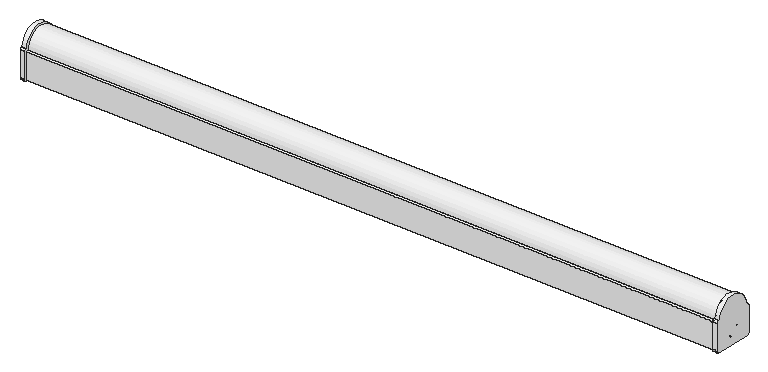
Revit family "0045185 Feilo Sylvania Lighting Fixture SYLBATTEN LED5-5 6000K TP3", category Lighting Fixtures, host Face, Revit 2017
Family settings
  Host = Face
  Round Connector Dimension = Use Diameter
  Part Type = Normal
  OmniClass Number = 23.80.70.00
  OmniClass Title = Lighting
  Cut with Voids When Loaded = No
  Light Source = Yes
  Shared = No
  Room Calculation Point = No
Parameters (values of type "0045185 SYLBATTEN LED5.5 6000K TP3")
  Width_FEILO = 66 mm
  Weight = "2.558 kg"
  Wattage Comments = "n/a"
  Wattage = 53 W
  WarrantyStartDate [instance] = "n/a"
  WarrantyGuarantorParts = "n/a"
  WarrantyDurationUnit = "n/a"
  WarrantyDurationParts = "n/a"
  WarrantyDescription = "n/a"
  built-in parameter 1150110 = 1 (stored number, unit not read)
  Voltage = 230 V
  URL = "http://www.sylvania-lighting.com"
  TypeName = "SYLBATTEN LED5.5 6000K TP3"
  Type Image = <None>
  Type Comments = "n/a"
  built-in parameter 1114217 = 1 (stored number, unit not read)
  Tilt Angle = -90.00°
  built-in parameter 1150109 = 1 (stored number, unit not read)
  built-in parameter 1150134 = 5
  SymReflector_FEILO = no
  built-in parameter 1150113 = 1 (stored number, unit not read)
  SerialNumber [instance] = "n/a"
  PowerFactor = 0
  PowerConsumption = "53 W"
  Photometric Web File = "0045185.ies"
  NominalLength = 1205 mm
  NominalHeight = 76 mm
  NominalDepth = 66 mm
  Name = "SYLBATTEN LED5.5 6000K TP3"
  ModelReference = Name  # "SYLBATTEN LED5.5 6000K TP3"
  ModelNumber = "0045185"
  Model = Name  # "SYLBATTEN LED5.5 6000K TP3"
  Material_4_FEILO = Reflector-Sylvania-Sylbatten-White
  Material_3_FEILO = Diffuser-Sylvania-Sylbatten-Glow
  Material_2_FEILO = Body-Sylvania-Sylbatten-White
  Material_1_FEILO = Body-Sylvania-Sylbatten-White
  Material = "sheet steel housing, polycarbonate diffuser"
  ManufacturerName = "Feilo Sylvania"
  Manufacturer = "Feilo Sylvania"
  LuminousEfficacy = "111 lm/W"
  built-in parameter 1150105 = 468.15 (stored number, unit not read)
  Lumens = 5883 lm
  LuminaireType = ""
  built-in parameter 1150115 = 1 (stored number, unit not read)
  LightOutputRatio = "100"
  built-in parameter 1150137 = (empty or 0)
  built-in parameter 1150139 = (empty or 0)
  Length_FEILO = 1205 mm
  LampsType = Lamp  # "LED"
  LampNominalLuminous = "5883 lm"
  LampMacAdamStep = "n/a"
  LampColourTemperature = "6000 K"
  LampColourRenderingIndex = "80"
  built-in parameter 1150112 = 1 (stored number, unit not read)
  built-in parameter 1150114 = 1 (stored number, unit not read)
  Lamp = "LED"
  Keynote = "16500"
  InstallationDate [instance] = "n/a"
  InputVoltage = "220-240V~"
  InputNominalFrequency = "n/a"
  built-in parameter 1150132 = (empty or 0)
  built-in parameter 1150102 = (empty or 0)
  built-in parameter 1150107 = 6000 (stored number, unit not read)
  built-in parameter 1150138 = (empty or 0)
  IngressProtection = "IP20"
  ImpactProtectionIndex = "IK07"
  built-in parameter 1150106 = 4.6815 (stored number, unit not read)
  IfcExportType = "IfcLightFixtureType"
  IfcExportAs = "IfcLightFixtureType"
  Height_FEILO = 76 mm
  ExpectedLife = 50000
  Emit from Rectangle Width = Length_FEILO - 16 mm  # 1189 mm
  Emit from Rectangle Length = Width_FEILO - 40 mm  # 26 mm
  Emit Shape Visible in Rendering = no
  ElectricShockClassification = "Class I"
  built-in parameter 1150104 = 10.312 (stored number, unit not read)
  DurationUnit = "hours"
  DocumentationLiterature = "http://www.sylvania-lighting.com/product/en-int/products/0045185"
  DimmingControlOptions = "n/a"
  Dimming Lamp Color Temperature Shift = <None>
  Description = "LED batten, T8 replacement, ease of installation through 2 part push-in design of the housing (safety cable included), through wiring capability (TP3 = 3 core), sheet steel, 5883M, 53W, 111lm/W, 6000K, drive current: 350mA, CRI 80, 138° wide beam angle, electronic driver (non dimmable), IP20, IK07, 50,000 hrs (L70), (LxWxH) 1205x66x76mm, 5 step MacAdam ellipse, 3kg, white RAL 9016, Class 1, 220-240V, energy class: A++, A+, A."
  Default Elevation = 1219.2 mm
  CreatedOn = "1/25/2018"
  CreatedBy = ""
  Cost = 0
  Color Filter = 16777215
  built-in parameter 1114216 [instance] = (empty or 0)
  ClassificationValue = "EF_70_80"
  ClassificationName = "Uniclass2015"
  CapOffset_FEILO = 2 mm
  BarCode [instance] = "n/a"
  built-in parameter 1114218 = 1 (stored number, unit not read)
  BackReflector_FEILO = and(not(AsymReflector_FEILO), SymReflector_FEILO)  # no
  built-in parameter 1150133 = 10 (stored number, unit not read)
  FrontReflector_FEILO = or(AsymReflector_FEILO, SymReflector_FEILO)  # no
  AsymReflector_FEILO = no
  AssetType = "Fixed"
  AssetIdentifier [instance] = "n/a"
  Assembly Code = "D5020200"
  Apparent Load = 53 VA
Reference planes
  plane 1 "Center (Front/Back)": y = 0
  plane 2: z = 0
  plane 3 "Center (Left/Right)": x = 0
  plane 4: x = 602.5
  plane 5: x = -602.5
  plane 6: y = 33
  plane 7: y = -33
  plane 8: z = 76
  plane 9: z = 47
  plane 10: y = -29
  plane 11: y = 29
  plane 12: z = 20
  plane 13: z = 74
  plane 14: y = -31
  plane 15: y = -27
  plane 16: y = 27
  plane 17: y = 31
  plane 18: z = 2
  plane 19: x = -594.5
  plane 20: x = 594.5
  plane 21: z = 49
  plane 22: y = 1
  plane 23: y = -1
  plane 24: z = 21
  plane 25: z = 19
  plane 26: y = -61
  plane 27: y = 61
  plane 28: y = -56
  plane 29: y = 56
  plane 30: z = 91
  plane 31: z = 88
Forms (mm)
  Extrusion 1, solid, material "Body-Sylvania-Sylbatten-White" <- "Material_2_FEILO"
    sketch origin (0, 0, 0) x (0, 1, 0) y (0, 0, 1)
      loop
        line (-31, 2) -> (31, 2) -> (31, 45)
        arc (31, 45) -> (30.414, 46.414) -> (29, 47) r 2
        line (29, 47) -> (27, 47)
        arc (27, 47) -> (0, 74) -> (-27, 47) r 27
        line (-27, 47) -> (-29, 47)
        arc (-29, 47) -> (-30.414, 46.414) -> (-31, 45) r 2
        line (-31, 45) -> (-31, 2)
    from -594.5 to 594.5
  Extrusion 2, solid, material "Body-Sylvania-Sylbatten-White" <- "Material_2_FEILO"
    sketch origin (602.5, 1524, 1219.2) x (0, 1, 0) y (0, 0, 1)
      loop
        arc (-1494, -1219.2) -> (-1491.879, -1218.321) -> (-1491, -1216.2) r 3
        line (-1491, -1216.2) -> (-1491, -1173.2)
        arc (-1491, -1173.2) -> (-1491.879, -1171.079) -> (-1494, -1170.2) r 3
        line (-1494, -1170.2) -> (-1495.069, -1170.2)
        arc (-1495.069, -1170.2) -> (-1524, -1143.2) -> (-1552.931, -1170.2) r 29
        line (-1552.931, -1170.2) -> (-1554, -1170.2)
        arc (-1554, -1170.2) -> (-1556.121, -1171.079) -> (-1557, -1173.2) r 3
        line (-1557, -1173.2) -> (-1557, -1216.2)
        arc (-1557, -1216.2) -> (-1556.121, -1218.321) -> (-1554, -1219.2) r 3
        line (-1554, -1219.2) -> (-1494, -1219.2)
      loop
        arc (-1525, -1189.25) -> (-1531.071, -1192.129) -> (-1533.95, -1198.2) r 10
        line (-1533.95, -1198.2) -> (-1532.944, -1198.2)
        arc (-1532.944, -1198.2) -> (-1530.364, -1192.836) -> (-1525, -1190.256) r 9
        line (-1525, -1190.256) -> (-1525, -1189.25)
      loop
        arc (-1523, -1190.256) -> (-1517.636, -1192.836) -> (-1515.056, -1198.2) r 9
        line (-1515.056, -1198.2) -> (-1514.05, -1198.2)
        arc (-1514.05, -1198.2) -> (-1516.929, -1192.129) -> (-1523, -1189.25) r 10
        line (-1523, -1189.25) -> (-1523, -1190.256)
      loop
        line (-1532.944, -1200.2) -> (-1533.95, -1200.2)
        arc (-1533.95, -1200.2) -> (-1531.071, -1206.271) -> (-1525, -1209.15) r 10
        line (-1525, -1209.15) -> (-1525, -1208.144)
        arc (-1525, -1208.144) -> (-1530.364, -1205.564) -> (-1532.944, -1200.2) r 9
      loop
        arc (-1515.056, -1200.2) -> (-1517.636, -1205.564) -> (-1523, -1208.144) r 9
        line (-1523, -1208.144) -> (-1523, -1209.15)
        arc (-1523, -1209.15) -> (-1516.929, -1206.271) -> (-1514.05, -1200.2) r 10
        line (-1514.05, -1200.2) -> (-1515.056, -1200.2)
    from 0 to -8
  Extrusion 3, solid, material "Body-Sylvania-Sylbatten-White" <- "Material_2_FEILO"
    sketch origin (-602.5, 1524, 1219.2) x (0, 1, 0) y (0, 0, 1)
      loop
        arc (-1495.069, -1170.2) -> (-1524, -1143.2) -> (-1552.931, -1170.2) r 29
        line (-1552.931, -1170.2) -> (-1554, -1170.2)
        arc (-1554, -1170.2) -> (-1556.121, -1171.079) -> (-1557, -1173.2) r 3
        line (-1557, -1173.2) -> (-1557, -1216.2)
        arc (-1557, -1216.2) -> (-1556.121, -1218.321) -> (-1554, -1219.2) r 3
        line (-1554, -1219.2) -> (-1494, -1219.2)
        arc (-1494, -1219.2) -> (-1491.879, -1218.321) -> (-1491, -1216.2) r 3
        line (-1491, -1216.2) -> (-1491, -1173.2)
        arc (-1491, -1173.2) -> (-1491.879, -1171.079) -> (-1494, -1170.2) r 3
        line (-1494, -1170.2) -> (-1495.069, -1170.2)
      loop
        line (-1533.95, -1198.2) -> (-1532.944, -1198.2)
        arc (-1532.944, -1198.2) -> (-1530.364, -1192.836) -> (-1525, -1190.256) r 9
        line (-1525, -1190.256) -> (-1525, -1189.25)
        arc (-1525, -1189.25) -> (-1531.071, -1192.129) -> (-1533.95, -1198.2) r 10
      loop
        line (-1523, -1189.25) -> (-1523, -1190.256)
        arc (-1523, -1190.256) -> (-1517.636, -1192.836) -> (-1515.056, -1198.2) r 9
        line (-1515.056, -1198.2) -> (-1514.05, -1198.2)
        arc (-1514.05, -1198.2) -> (-1516.929, -1192.129) -> (-1523, -1189.25) r 10
      loop
        line (-1514.05, -1200.2) -> (-1515.056, -1200.2)
        arc (-1515.056, -1200.2) -> (-1517.636, -1205.564) -> (-1523, -1208.144) r 9
        line (-1523, -1208.144) -> (-1523, -1209.15)
        arc (-1523, -1209.15) -> (-1516.929, -1206.271) -> (-1514.05, -1200.2) r 10
      loop
        line (-1525, -1209.15) -> (-1525, -1208.144)
        arc (-1525, -1208.144) -> (-1530.364, -1205.564) -> (-1532.944, -1200.2) r 9
        line (-1532.944, -1200.2) -> (-1533.95, -1200.2)
        arc (-1533.95, -1200.2) -> (-1531.071, -1206.271) -> (-1525, -1209.15) r 10
    from 0 to 8
  Extrusion 4, solid, material "Reflector-Sylvania-Sylbatten-White" <- "Material_4_FEILO", visible <- "FrontReflector_FEILO"
    sketch origin (0, 0, 0) x (0, 1, 0) y (0, 0, 1)
      loop
        line (-61.257, 88.429) -> (-60.743, 87.571) -> (-56.621, 90.044)
        arc (-56.621, 90.044) -> (-56.237, 90.099) -> (-55.929, 89.863) r 0.5
        line (-55.929, 89.863) -> (-31.435, 46.753) -> (-30.565, 47.247) -> (-55.312, 90.802)
        arc (-55.312, 90.802) -> (-55.928, 91.275) -> (-56.696, 91.165) r 1
        line (-56.696, 91.165) -> (-61.257, 88.429)
    from -594.5 to 594.5
  Extrusion 5, solid, material "Reflector-Sylvania-Sylbatten-White" <- "Material_4_FEILO", visible <- "BackReflector_FEILO"
    sketch origin (0, 0, 0) x (0, 1, 0) y (0, 0, 1)
      loop
        line (30.565, 47.247) -> (31.435, 46.753) -> (55.932, 89.868)
        arc (55.932, 89.868) -> (56.245, 90.112) -> (56.638, 90.062) r 0.518
        line (56.638, 90.062) -> (61.033, 87.565) -> (61.527, 88.435) -> (56.682, 91.188)
        arc (56.682, 91.188) -> (55.922, 91.282) -> (55.318, 90.812) r 1
        line (55.318, 90.812) -> (30.565, 47.247)
    from -594.5 to 594.5
Lines and regions (mm)
  reference lines
    curve 1: line (0, -61, 88) -> (0, -56, 91)
    curve 2: line (0, -56, 91) -> (0, -31, 47)
    curve 3: line (0, 31, 47) -> (0, 56, 91)
    curve 4: line (0, 56, 91) -> (0, 61.28, 88)
Dimensions and locks
  equal spacing: plane 5, plane 3 "Center (Left/Right)", plane 4
  equal spacing: plane 7, plane 1 "Center (Front/Back)", plane 6
  "Width_FEILO": plane 7 to plane 6
  "Length_FEILO": plane 5 to plane 4
  "Height_FEILO": plane 8 to plane 2
  locked: plane 9 to plane 8 at 29
  equal spacing: plane 10, plane 1 "Center (Front/Back)", plane 11
  locked: plane 7 to plane 10 at 4
  locked: plane 12 to plane 2 at 20
  "CapOffset_FEILO": plane 13 to plane 8
  "CapOffset_FEILO": plane 7 to plane 14
  "CapOffset_FEILO": plane 10 to plane 15
  "CapOffset_FEILO": plane 17 to plane 6
  "CapOffset_FEILO": plane 16 to plane 11
  "CapOffset_FEILO": plane 18 to plane 2
  locked: plane 14 to Extrusion 1 sketch curve at 2
  locked: Extrusion 1 sketch curve to plane 9 at 2  (x2)
  locked: plane 16 to Extrusion 1 sketch curve at 2
  equal spacing: plane 19, plane 3 "Center (Left/Right)", plane 20
  locked: plane 5 to plane 19 at 8
  "CapOffset_FEILO": plane 9 to plane 21
  locked: Extrusion 2 sketch curve to plane 2 at 47
  locked: Extrusion 1 sketch curve to plane 2 at 47
  locked: Extrusion 2 sketch curve to plane 2 at 3  (x2)
  locked: plane 7 to Extrusion 2 sketch curve at 3  (x2)
  locked: Extrusion 2 sketch curve to plane 6 at 3  (x2)
  locked: Extrusion 2 sketch curve to plane 21 at 3  (x2)
  equal spacing: plane 23, plane 1 "Center (Front/Back)", plane 22
  equal spacing: plane 25, plane 12, plane 24
  plane 30 to plane 31 to plane 2 = 3 mm locked, 88 mm locked
  plane 28 to plane 29 = 112 mm
  plane 26 to plane 27 = 122 mm
  aligned and locked: plane 2 to host face
  aligned and locked: level to host face
  aligned and locked: plane 18 to Extrusion 1 sketch curve
  aligned and locked: plane 14 to Extrusion 1 sketch curve
  aligned and locked: Extrusion 1 sketch curve to plane 9  (x2)
  aligned and locked: Extrusion 1 sketch curve to plane 17
  aligned and locked: plane 15 to Extrusion 1 sketch curve
  aligned and locked: plane 16 to Extrusion 1 sketch curve
  aligned and locked: plane 9 to Extrusion 1 sketch curve
  aligned and locked: plane 20 to Extrusion 1
  aligned and locked: level to Extrusion 2 sketch curve
  aligned and locked: Extrusion 2 sketch curve to plane 7
  aligned and locked: plane 21 to Extrusion 2 sketch curve
  aligned and locked: Extrusion 2 sketch curve to plane 21
  aligned and locked: plane 1 "Center (Front/Back)" to Extrusion 2 sketch curve  (x3)
  aligned and locked: Extrusion 2 to Extrusion 1
  aligned and locked: plane 4 to Extrusion 2
  aligned and locked: plane 12 to Extrusion 2 sketch curve  (x2)
  aligned and locked: Extrusion 2 sketch curve to plane 22
  aligned and locked: Extrusion 2 sketch curve to plane 23
  aligned and locked: Extrusion 2 sketch curve to plane 24
  aligned and locked: Extrusion 2 sketch curve to plane 25
  aligned and locked: plane 25 to Extrusion 2 sketch curve
  aligned and locked: plane 22 to Extrusion 2 sketch curve
  aligned and locked: plane 24 to Extrusion 2 sketch curve
  aligned and locked: plane 23 to Extrusion 2 sketch curve  (x2)
  aligned and locked: Extrusion 3 sketch curve to Extrusion 2  (x22)
  aligned and locked: Extrusion 3 to Extrusion 1
  aligned and locked: Extrusion 3 to plane 5
  aligned and locked: plane 19 to Extrusion 3
  aligned and locked: plane 31 to curve 1
  aligned and locked: plane 30 to curve 1
  aligned and locked: plane 14 to curve 2
  aligned and locked: plane 9 to curve 2
  aligned and locked: plane 17 to curve 3
  aligned and locked: plane 30 to curve 3
  aligned and locked: plane 31 to curve 4
  aligned and locked: Extrusion 4 sketch curve to curve 2
  aligned and locked: Extrusion 4 sketch curve to curve 1
  aligned and locked: Extrusion 4 to Extrusion 1
  aligned and locked: Extrusion 1 to Extrusion 4
  aligned and locked: imposter light to plane 1 "Center (Front/Back)"
  aligned and locked: imposter light to plane 3 "Center (Left/Right)"
  aligned and locked: imposter light to plane 13
  aligned and locked: Extrusion 5 sketch curve to curve 4
  aligned and locked: Extrusion 5 sketch curve to curve 3
  aligned and locked: Extrusion 1 to Extrusion 5
  aligned and locked: Extrusion 5 to Extrusion 1
Automatic sketch dimensions
  host sketch curve to host sketch curve = 2438.4 mm  (x2)
  Extrusion 2 sketch curve to Extrusion 2 sketch curve = 0 mm  (x14)
  Extrusion 2 sketch curve to plane 10 = 0.069 mm
  plane 23 to Extrusion 2 sketch curve = 8.95 mm
  Extrusion 2 sketch curve to Extrusion 2 sketch curve = 1.006 mm  (x4)
  Extrusion 2 sketch curve to plane 22 = 7.944 mm
  curve 1 to plane 26 = 0 mm
  curve 2 to plane 28 = 0 mm
  curve 4 to plane 29 = 0 mm
  plane 9 to curve 3 = 0 mm
  plane 26 to Extrusion 4 sketch curve = 0.257 mm
  Extrusion 4 sketch curve to plane 26 = 0.257 mm
  Extrusion 4 sketch curve to plane 30 = 0.165 mm
  plane 28 to Extrusion 4 sketch curve = 0.696 mm
  plane 28 to Extrusion 4 sketch curve = 0.621 mm
  plane 28 to Extrusion 4 sketch curve = 0.364 mm
  plane 28 to Extrusion 4 sketch curve = 0.182 mm
  Extrusion 4 sketch curve to plane 28 = 0.071 mm
  plane 30 to Extrusion 4 sketch curve = 0.198 mm
  Extrusion 4 sketch curve to plane 28 = 0.688 mm
  plane 9 to Extrusion 4 sketch curve = 0.247 mm
  plane 1 "Center (Front/Back)" to Extrusion 4 sketch curve = 31.435 mm
  Extrusion 5 sketch curve to plane 9 = 0.247 mm
  Extrusion 5 sketch curve to plane 1 "Center (Front/Back)" = 30.565 mm
  plane 9 to Extrusion 5 sketch curve = 0.247 mm
  plane 30 to Extrusion 5 sketch curve = 0.188 mm
  plane 29 to Extrusion 5 sketch curve = 0.068 mm
  Extrusion 5 sketch curve to plane 29 = 0.188 mm
  Extrusion 5 sketch curve to plane 29 = 0.382 mm
  Extrusion 5 sketch curve to Extrusion 5 sketch curve = 0.256 mm
  Extrusion 5 sketch curve to plane 30 = 0.188 mm
  Extrusion 5 sketch curve to plane 29 = 0.682 mm
  Extrusion 5 sketch curve to plane 27 = 0.033 mm
  Extrusion 5 sketch curve to plane 27 = 0.527 mm
Connectors
  electrical at (0, 0, 0), driven by "Apparent Load", driven by "PowerFactor", driven by "Voltage"
    settings: index 1, voltage 230 V, apparent load 53 VA, apparent load phase1 0 VA, apparent load phase2 0 VA, apparent load phase3 0 VA, power factor 0, load classification "Lighting", number of poles 1, system type 30, power factor state 1, is connector primary yes, connector utility no, sub classification motor no, connector description ""
